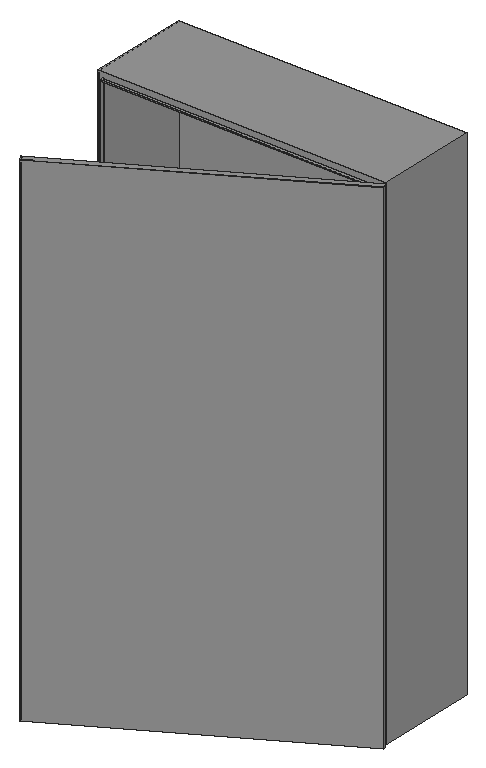
Revit family "Hager-Orion_Inox-IP66-D300-Cl.I-Inox_encl-630A-1400mm-NoHosted-PL-pl", category Equipement électrique, Revit 2020
Family settings
  Configuration du panneau = Deux colonnes, circuits au sein
  Cote de connecteur circulaire = Utiliser le diamètre
  Type d'élément = Tableau de raccordement
  Basée sur le plan de construction = Oui
  Toujours verticalement = Oui
  Couper avec des vides une fois chargée = Non
  Partagée = Non
  Point de calcul de pièce = Non
Parameters (values of type "Montaż natynkowy IP66 S800 W1400 G300  - FL049BWL")
  Width Control [instance] = if([EF000008 - Szerokość] > Min Width, [EF000008 - Szerokość], Min Width)  # 800 mm
  Commentaires du type = [HG000003 - Zakres]  # "Orion Inox"
  Thickness Door [instance] = if([EF009171 - Drzwi/pokrywa z materiału o wysokiej wytrzymałości mechanicznej] > 3 mm, 3 mm, [EF009171 - Drzwi/pokrywa z materiału o wysokiej wytrzymałości mechanicznej])  # 1.5 mm
  Seal Frame Offset [instance] = 17 mm  # constant formula
  Min Width [instance] = 100 mm  # constant formula
  Min Depth [instance] = (2 * [EF009170 - Obudowa z materiału o wysokiej wytrzymałości mechanicznej]) + 1 mm  # 4 mm
  Min Height [instance] = 100 mm  # constant formula
  Internal Frame Depth [instance] = -(Door System Depth * 0.5)  # -9 mm
  Panel Name [instance] = ""  # (empty or 0)
  Model = ""
  HG000027 - Wysokość cokołu = 0 mm
  HG000026 - Stojąca = no
  HG000024 - Wysokość części dolnej = 600 mm
  HG000023 - Obudowa dwusekcyjna = no
  HG000016 - Widoczność drzwi w widoku 3D [instance] = yes
  HG000015 - Przestrzeń robocza - otwarcie drzwi [instance] = no
  HG000014 - Drzwi prawe [instance] = yes
  HG000013 - Drzwi lewe [instance] = not([HG000014 - Drzwi prawe])  # no
  HG000012 - Kąt otwarcia drzwi [instance] = 30.00°
  HG000010 - Drzwi asymetryczne = no
  HG000009 - Drzwi dwuskrzydłowe = no
  HG000006 - Montaż podtynkowy = no
  HG000004 - Referencja producenta = "FL049BWL"
  HG000003 - Zakres = "Orion Inox"
  HG000002 - Z drzwiami lub pokrywą = yes
  Frame Offset Bottom [instance] = 10 mm  # constant formula
  Frame Offset [instance] = 15 mm  # constant formula
  EF015940 - Pokrywa z wyzwalaczem nadciśnieniowym = no
  EF011959 - Stopień ochrony (NEMA) = ""
  EF009554 - Liczba otworów pod flansze = 0
  EF009212 - Wykonanie pokrywy = "EV000116 - Zamknięty"
  EF009171 - Drzwi/pokrywa z materiału o wysokiej wytrzymałości mechanicznej = 1.5 mm
  EF009170 - Obudowa z materiału o wysokiej wytrzymałości mechanicznej = 1.5 mm
  EF008873 - Prąd znamionowy (In) = 630 A
  EF007800 - Do ochrony odgromowej = no
  EF006306 - Z zamkiem = yes
  EF006244 - Transparentna pokrywa/drzwi = no
  EF005474 - Stopień ochrony (IP) = "EV006422 - IP66"
  EF004464 - Rodzaj drzwi = "EV002646 - Pojedynczy"
  EF004427 - Liczba modułów = 0
  EF004293 - Odporność udarowa = "EV008784 - IK10"
  EF003532 - Do zastosowań zewnętrznych = yes
  EF002950 - Szerokość wyrażona liczbą modułów = 0
  EF001613 - Podtrzymanie funkcji = "EV000494 - Brak"
  EF001596 - Materiał obudowy = "EV000166 - Stal nierdzewna"
  EF001131 - Głębokość wewnętrzna = 266 mm
  EF001088 - Możliwość rozbudowy = yes
  EF000437 - Liczba wejść kablowych = 0
  EF000339 - Rodzaj pokrywy = "EV004216 - Drzwi"
  EF000266 - Liczba rzędów = 0
  EF000218 - Głębokość wbudowania = 0 mm
  EF000118 - Z płytą montażową = no
  EF000116 - Numer RAL = ""
  EF000049 - Głębokość = 300 mm
  EF000040 - Wysokość = 1400 mm
  EF000008 - Szerokość = 800 mm
  EF000007 - Kolor = "EV000154 - Inne"
  EF000003 - Sposób montażu = "EV000384 - Montaż natynkowy"
  Door System Leaf Tolerance [instance] = 1.5 mm  # constant formula
  Door System Depth [instance] = 18 mm  # constant formula
  Description = ""
  Default Elevation = 1219.2 mm
  Connector Offset [instance] = Height Control / 2  # 700 mm
  Fabricant = "Hager"  # constant formula
  Height Control [instance] = if([EF000040 - Wysokość] > Min Height, [EF000040 - Wysokość], Min Height)  # 1400 mm
  Depth Control [instance] = if([EF000049 - Głębokość] > Min Depth, [EF000049 - Głębokość], Min Depth)  # 300 mm
Types (2, lengths in mm): name | HG000004 - Referencja producenta
  Montaż natynkowy IP66 S800 W1400 G300  - FL049BW | "FL049BW"
  Montaż natynkowy IP66 S800 W1400 G300  - FL049BWL | "FL049BWL"
Reference planes
  plane 1 "Center (Front/Back)": y = 0
  plane 2: z = 0
  plane 3 "Center (Left/Right)": x = 0
  plane 4: y = 0
  plane 5: y = 0
  plane 6: z = 0
  plane 7: x = -400
  plane 8: x = 400
  plane 9: x = 398.5
  plane 10: x = -398.5
  plane 11: z = 0
  plane 12: z = 1.5
  plane 13: y = -300
  plane 14: y = -1.5
  plane 15: x = 0
  plane 16: y = -282
  plane 17: y = -298.5
  plane 18: y = -280.5
  plane 19: x = -383.5
  plane 20: x = 383.5
  plane 21: z = 11.5
  plane 22: x = -383
  plane 23: x = 383
  plane 24: z = 0
  plane 25: z = 1400
  plane 26: z = 1400
  plane 27: z = 1383.5
  plane 28: z = 1398.5
Forms (mm)
  Extrusion 1, solid, material "Hager_Stainless_Steel", detail levels medium+fine
    sketch origin (-208.679, -4572, 0) x (-1, 0, 0) y (0, -1, 0)
      loop
        line (191.321, -4290) -> (-608.679, -4290) -> (-608.679, -4572) -> (191.321, -4572) -> (191.321, -4290)
    from 0 to 1400
  Extrusion 2, void
    sketch origin (-350.771, -300, 1219.2) x (1, 0, 0) y (0, 0, 1)
      loop
        line (-47.729, 179.3) -> (-47.729, -1217.7) -> (749.271, -1217.7) -> (749.271, 179.3) -> (-47.729, 179.3)
    from -19.5 to -298.5
  Extrusion 3, void
    sketch origin (-290.084, -282, 1219.2) x (1, 0, 0) y (0, 0, 1)
      loop
        line (-93.416, -1207.7) -> (673.584, -1207.7) -> (673.584, 164.3) -> (-93.416, 164.3) -> (-93.416, -1207.7)
    from 0 to -1.5
  Extrusion 4, solid, material "Hager_Stainless_Steel", detail levels fine
    sketch origin (-290.084, -282, 1219.2) x (-1, 0, 0) y (0, 0, 1)
      loop
        line (-673.584, -1207.7) -> (93.416, -1207.7) -> (93.416, 164.3) -> (-673.584, 164.3) -> (-673.584, -1207.7)
      loop
        line (-675.084, -1209.2) -> (94.916, -1209.2) -> (94.916, 165.8) -> (-675.084, 165.8) -> (-675.084, -1209.2)
    from 0 to -9 <- "Internal Frame Depth"
  Extrusion 5, solid, material "Hager_Stainless_Steel", detail levels coarse
    sketch origin (0, 0, 0) x (1, 0, 0) y (0, 1, 0)
      loop
        line (-400, 0) -> (-400, -300) -> (400, -300) -> (400, 0) -> (-400, 0)
    from 0 to 1400 <- "Height Control"
Cuts and joins
  Extrusion 2, Extrusion 3 cuts Extrusion 1
Lines and regions (mm)
  Masking region 1
    outline origin (0, 0, 0) x (1, 0, 0) y (0, 1, 0)
      loop
        line (-400, 0) -> (-400, -300) -> (400, -300) -> (400, 0) -> (-400, 0)
  Masking region 2
    outline origin (-290.084, -282, 1219.2) x (-1, 0, 0) y (0, 0, 1)
      loop
        line (-690.084, -1219.2) -> (109.916, -1219.2) -> (109.916, 180.8) -> (-690.084, 180.8) -> (-690.084, -1219.2)
  Masking region 3, detail levels coarse
    outline origin (0, 0, 0) x (0, 1, 0) y (0, 0, 1)
      loop
        line (0, 0) -> (0, 1400) -> (-300, 1400) -> (-300, 0) -> (0, 0)
  Masking region 4, detail levels medium+fine
    outline origin (0, 0, 594.038) x (0, 1, 0) y (0, 0, 1)
      loop
        line (0, -594.038) -> (0, 805.962) -> (-282, 805.962) -> (-282, -594.038) -> (0, -594.038)
Dimensions and locks
  locked: plane 1 "Center (Front/Back)" to plane 5
  "EF009170 - Obudowa z materiału o wysokiej wytrzymałości mechanicznej": plane 7 to plane 10
  "EF009170 - Obudowa z materiału o wysokiej wytrzymałości mechanicznej": plane 8 to plane 9
  equal spacing: plane 7, plane 3 "Center (Left/Right)", plane 8
  "Width Control": plane 7 to plane 8
  "Depth Control": plane 4 to plane 13
  "EF009170 - Obudowa z materiału o wysokiej wytrzymałości mechanicznej": plane 4 to plane 14
  "Height Control": plane 25 to level
  "EF009170 - Obudowa z materiału o wysokiej wytrzymałości mechanicznej": plane 12 to plane 11
  "EF009170 - Obudowa z materiału o wysokiej wytrzymałości mechanicznej": plane 17 to plane 13
  "EF009170 - Obudowa z materiału o wysokiej wytrzymałości mechanicznej": plane 18 to plane 16
  "Frame Offset Bottom": plane 21 to plane 12
  "Frame Offset": plane 10 to plane 19
  "Frame Offset": plane 9 to plane 20
  "Door System Depth": plane 16 to plane 13
  "Seal Frame Offset": plane 7 to plane 22
  "Seal Frame Offset": plane 8 to plane 23
  "EF009170 - Obudowa z materiału o wysokiej wytrzymałości mechanicznej": plane 26 to plane 28
  "Frame Offset": plane 28 to plane 27
  "Connector Offset": plane 2 to connector elem
  "Thickness Door": cut or joined group of Extrusion 1, Extrusion 2, Extrusion 3 to Extrusion 4 sketch curve
  "Thickness Door": Extrusion 4 sketch curve to plane 19
  "Thickness Door": Extrusion 4 sketch curve to plane 20
  "Thickness Door": Extrusion 4 sketch curve to plane 27
  aligned and locked: Extrusion 2 sketch curve to plane 12
  aligned and locked: Extrusion 2 sketch curve to plane 9
  aligned and locked: Extrusion 2 sketch curve to plane 10
  aligned and locked: Extrusion 2 to plane 14
  aligned and locked: Extrusion 1 sketch curve to plane 4
  aligned and locked: plane 8 to Extrusion 1 sketch curve
  aligned and locked: plane 7 to Extrusion 1 sketch curve
  aligned and locked: Extrusion 2 to plane 18
  aligned and locked: Extrusion 3 sketch curve to plane 19
  aligned and locked: plane 20 to Extrusion 3 sketch curve
  aligned and locked: Extrusion 3 to Extrusion 2
  aligned and locked: Extrusion 3 sketch curve to plane 21
  aligned and locked: plane 3 "Center (Left/Right)" to nested 1
  aligned and locked: Extrusion 1 sketch curve to plane 16
  aligned and locked: Masking region 1 sketch curve to plane 7
  aligned and locked: Masking region 1 sketch curve to plane 5
  aligned and locked: Masking region 1 sketch curve to plane 8
  aligned and locked: Masking region 2 sketch curve to level
  aligned and locked: level to Masking region 3 sketch curve
  aligned and locked: plane 1 "Center (Front/Back)" to Masking region 3 sketch curve
  aligned and locked: plane 13 to Masking region 3 sketch curve
  aligned and locked: Masking region 2 sketch curve to plane 8
  aligned and locked: Masking region 2 sketch curve to plane 7
  aligned and locked: plane 7 to nested 2
  aligned and locked: nested 2 to plane 5
  aligned and locked: plane 5 to Masking region 4 sketch curve
  aligned and locked: plane 26 to Masking region 4 sketch curve
  aligned and locked: Extrusion 5 sketch curve to plane 8
  aligned and locked: Extrusion 5 sketch curve to plane 7
  aligned and locked: Extrusion 5 sketch curve to plane 5
  aligned and locked: Extrusion 3 sketch curve to plane 27
  aligned and locked: Extrusion 2 sketch curve to plane 28
  aligned and locked: Extrusion 4 sketch curve to plane 27
  aligned and locked: Extrusion 4 sketch curve to plane 20
  aligned and locked: Extrusion 4 sketch curve to plane 21
  aligned and locked: Extrusion 4 sketch curve to plane 19
  aligned and locked: Masking region 2 to plane 25
  aligned and locked: Masking region 4 sketch curve to plane 24
  aligned and locked: Masking region 1 to plane 13
  aligned and locked: nested 1 to plane 16
  aligned and locked: Masking region 3 to plane 25
  aligned and locked: Masking region 4 sketch curve to plane 16
  aligned and locked: plane 24 to plane 11
  aligned and locked: plane 26 to plane 25
  aligned and locked: level to plane 24
  aligned and locked: Extrusion 1 to Masking region 3
  aligned and locked: level to nested 1
Automatic sketch dimensions
  Extrusion 5 sketch curve to plane 13 = 0 mm
  plane 27 to Masking region 2 sketch curve = 16.5 mm
  plane 27 to Masking region 3 sketch curve = 16.5 mm
  Masking region 1 sketch curve to plane 13 = 0 mm
  Extrusion 3 sketch curve to plane 21 = 0 mm
  plane 19 to Extrusion 3 sketch curve = 0 mm
  Extrusion 3 sketch curve to plane 20 = 0 mm
Nested families
  nested 1: "EC000058_OrionInox_Door" at (0, -282, 0), Double <- "HG000009 - Drzwi dwuskrzydłowe", Transparent <- "EF006244 - Transparentna pokrywa/drzwi", Angle <- "HG000012 - Kąt otwarcia drzwi", Door_Right <- "HG000014 - Drzwi prawe", Assymetrical <- "HG000010 - Drzwi asymetryczne", Door <- "HG000002 - Z drzwiami lub pokrywą", Width_Ctrl <- "Width Control", 3d_Door <- "HG000016 - Widoczność drzwi w widoku 3D", Clearance <- "HG000015 - Przestrzeń robocza - otwarcie drzwi", Door_Left <- "HG000013 - Drzwi lewe", Width <- "Width Control", Door_Depth <- "Door System Depth", Leaf_Tolerance <- "Door System Leaf Tolerance", Height <- "Height Control", Thickness <- "Thickness Door", type "EC000058_OrionInox_Door", detail levels medium+fine
    with min_wh 4 mm, Width_Ctrl 800 mm, Width 800 mm, Transparent no, Thickness 1.5 mm, Seal_Material Hager_Rubber, Leaf_Width 800 mm, Leaf_Tolerance_External_Sides 0 mm, Leaf_Tolerance 1.5 mm, Leaf_Offset 0 mm, Leaf_Height 1397 mm, Leaf_2_Width 800 mm, Leaf_2_Offset 400 mm, Leaf_1_Width 800 mm, Leaf_1_Offset 400 mm, Height_Ctrl 1400 mm, Height 1400 mm, Glass_Material Hager_Glass, Double_Clearance_Ctrl no, Double no, Door_Right_Ctrl yes, Door_Right yes, Door_Material Hager_Stainless_Steel, Door_Left_Ctrl no, Door_Left no, Door_Depth 18 mm, Door yes, Clearance_Material Hager_Clearance, Clearance_Depth 800 mm, Clearance_Ctrl no, Clearance no, Assymetrical no, Angle 30.00°, 3d_Door yes
  nested 2: "Hager_Enclosure_Symbol" at (-400, 0, 0), Height <- "Depth Control", Width <- "Width Control", type "Hager_Enclosure_Symbol"
    with Width_Ctrl 800 mm, Width 800 mm, Height_Ctrl 300 mm, Height 300 mm, A_Width_Int 19.688 mm, A_Width 236.25 mm, A_Height_Ctrl 262.5 mm, A_Height 262.5 mm
Connectors
  electrical at (0, 0, 700)
    settings: on plane 1 "Center (Front/Back)", index 1, voltage 0 V, apparent load 0 VA, apparent load phase1 0 VA, apparent load phase2 0 VA, apparent load phase3 0 VA, power factor 1, load classification "Other", number of poles 1, system type 30, power factor state 1, is connector primary yes, connector utility no, sub classification motor no, connector description ""
Definition of nested family "EC000058_OrionInox_Door"
  Parameters (values of type "EC000058_OrionInox_Door")
    min_wh [instance] = (2 * Thickness) + 1 mm  # 11 mm
    Width_Ctrl [instance] = 400 mm
    Width [instance] = 500 mm
    Transparent [instance] = yes
    Thickness [instance] = 5 mm
    Seal_Material [instance] = none
    Leaf_Width [instance] = if((Width_Ctrl - 2 * Leaf_Tolerance_External_Sides) > 0 mm, (Width_Ctrl - 2 * Leaf_Tolerance_External_Sides), min_wh)  # 400 mm
    Leaf_Tolerance_External_Sides [instance] = 0 mm  # constant formula
    Leaf_Tolerance [instance] = 1.5 mm
    Leaf_Offset [instance] = 0 mm  # constant formula
    Leaf_Height [instance] = if((Height_Ctrl - 2 * Leaf_Tolerance) > 0 mm, (Height_Ctrl - 2 * Leaf_Tolerance), min_wh)  # 497 mm
    Leaf_2_Width [instance] = if(and(and(Double, Assymetrical), Door_Left), (Leaf_Width / 3) - (Leaf_Tolerance / 2), if(and(and(Double, Assymetrical), Door_Right), (Leaf_Width / 3) * 2 - (Leaf_Tolerance / 2), if(and(Double, not(Assymetrical)), (Leaf_Width / 2) - Leaf_Tolerance, Leaf_Width)))  # 400 mm
    Leaf_2_Offset [instance] = if(and(Double, Assymetrical), Leaf_2_Width / 2, if(and(Double, not(Assymetrical)), Leaf_Width / 4, Leaf_Width / 2))  # 200 mm
    Leaf_1_Width [instance] = if(and(and(Double, Assymetrical), Door_Right), (Leaf_Width / 3) - (Leaf_Tolerance / 2), if(and(and(Double, Assymetrical), Door_Left), (Width / 3) * 2 - (Leaf_Tolerance / 2), if(and(Double, not(Assymetrical)), (Leaf_Width / 2) - Leaf_Tolerance, Leaf_Width)))  # 400 mm
    Leaf_1_Offset [instance] = if(and(Double, Assymetrical), Leaf_1_Width / 2, if(and(Double, not(Assymetrical)), Leaf_Width / 4, Leaf_Width / 2))  # 200 mm
    Height_Ctrl [instance] = if(Height > min_wh, Height, min_wh)  # 500 mm
    Height [instance] = 500 mm
    Glass_Material [instance] = none
    Double_Clearance_Ctrl [instance] = and(Double, Clearance)  # no
    Double [instance] = no
    Door_Right_Ctrl [instance] = and(or(Door_Right, Double), Door)  # yes
    Door_Right [instance] = yes
    Door_Material [instance] = none
    Door_Left_Ctrl [instance] = and(or(Door_Left, Double), Door)  # no
    Door_Left [instance] = no
    Door_Depth [instance] = 30 mm
    Door [instance] = yes
    Default Elevation = 1219.2 mm
    Clearance_Material [instance] = none
    Clearance_Depth [instance] = if(Leaf_1_Width > Leaf_2_Width, Leaf_1_Width, Leaf_2_Width)  # 400 mm
    Clearance_Ctrl [instance] = and(not(Double), Clearance)  # yes
    Clearance [instance] = yes
    Assymetrical [instance] = yes
    Angle [instance] = 30.00°
    3d_Door [instance] = yes
  Reference planes
    plane 1 "Center (Front/Back)": y = 0
    plane 2 "Bottom": z = 0
    plane 3 "Center (Left/Right)": x = 0
    plane 4: z = 500
    plane 5: x = -200
    plane 6: x = 200
    plane 7: z = 500
    plane 8: x = -200
    plane 9: z = 0
    plane 10: x = 200
    plane 11: y = 0
    plane 12: z = 1.5
    plane 13: x = -600
    plane 14: y = -400
    plane 15: x = 600
    plane 16: x = 0
    plane 17: x = 0
    plane 18: x = -200
    plane 19: x = 200
    plane 20: z = 498.5
  Forms (mm)
    Extrusion 1, solid, material <- "Clearance_Material", visible <- "Double_Clearance_Ctrl"
      sketch origin (1200, 0, 0) x (1, 0, 0) y (0, 0, -1)
        loop
          line (-1800, -498.5) -> (-600, -498.5) -> (-600, 0) -> (-1800, 0) -> (-1800, -498.5)
      from 0 to -400
  Dimensions and locks
    equal spacing: plane 5, plane 3 "Center (Left/Right)", plane 6
    "Width_Ctrl": plane 5 to plane 6
    "Leaf_Offset": plane 5 to plane 8
    "Leaf_Offset": plane 6 to plane 10
    "Leaf_Offset": plane 9 to level
    "Leaf_Offset": plane 4 to plane 7
    "Height_Ctrl": plane 4 to level
    "Leaf_Tolerance": plane 12 to plane 9
    locked: plane 11 to plane 1 "Center (Front/Back)"
    "Leaf_1_Offset": plane 18 to plane 16
    "Leaf_2_Offset": plane 17 to plane 19
    "Leaf_1_Width": plane 13 to plane 8
    "Leaf_2_Width": plane 10 to plane 15
    "Clearance_Depth": plane 14 to plane 1 "Center (Front/Back)"
    "Leaf_Tolerance_External_Sides": plane 8 to plane 18
    "Leaf_Tolerance_External_Sides": plane 19 to plane 10
    "Leaf_Tolerance": plane 7 to plane 20
    aligned and locked: level to plane 2 "Bottom"
    aligned and locked: nested 1 to plane 16
    aligned and locked: nested 2 to plane 17
    aligned and locked: Extrusion 1 to plane 13
    aligned and locked: plane 15 to Extrusion 1
    aligned and locked: Extrusion 1 to plane 14
    aligned and locked: plane 12 to nested 1
    aligned and locked: nested 2 to plane 12
    aligned and locked: Extrusion 1 to plane 11
    aligned and locked: plane 20 to Extrusion 1
    aligned and locked: nested 2 to plane 11
    aligned and locked: nested 1 to plane 11
  Automatic sketch dimensions
    Extrusion 1 sketch curve to level = 0 mm
    plane 5 to Extrusion 1 sketch curve = 400 mm
    plane 6 to Extrusion 1 sketch curve = 400 mm
    Extrusion 1 sketch curve to plane 4 = 1.5 mm
  Nested families
    nested 1: "EC000058_OrionInox_Door_Leaf" at (0, 0, 1.5), Width <- "Leaf_1_Width", visible <- "Door_Left_Ctrl", Leaf_Height <- "Leaf_Height", Angle <- "Angle", 3d_Door <- "3d_Door", Transparent <- "Transparent", Clearance Material <- "Clearance_Material", Clearance <- "Clearance_Ctrl", Door_Material <- "Door_Material", Glass_Material <- "Glass_Material", Door_Depth <- "Door_Depth", Seal_Material <- "Seal_Material", Thickness <- "Thickness", type "EC000058_OrionInox_Door_Leaf"
      with Width 400 mm, Transparent_Ctrl yes, Transparent yes, Thickness 5 mm, Standard no, Seal_Material none, Seal_D2 8 mm, Seal_D1 1 mm, Offset_Internal_Frame 10 mm, Lock_Width 28 mm, Lock_Thickness 2 mm, Lock_Radius 6 mm, Leaf_Height 497 mm, Internal_Seal_Thickness 8 mm, Internal_Seal_Depth_2 4.5 mm, Internal_Frame_Depth 25 mm, Glass_Thickness -1 mm, Glass_Offset -2 mm, Glass_Material none, Door_Material none, Door_Depth 30 mm, Clearance Material none, Clearance yes, Angle_Ctrl 30.00°, Angle 30.00°, 3d_Door yes
    nested 2: "EC000058_OrionInox_Door_Leaf" at (0, 0, 1.5) x (-1, 0, 0) z (0, 0, 1), Width <- "Leaf_2_Width", visible <- "Door_Right_Ctrl", Leaf_Height <- "Leaf_Height", Angle <- "Angle", 3d_Door <- "3d_Door", Transparent <- "Transparent", Clearance Material <- "Clearance_Material", Clearance <- "Clearance_Ctrl", Door_Material <- "Door_Material", Glass_Material <- "Glass_Material", Door_Depth <- "Door_Depth", Seal_Material <- "Seal_Material", Thickness <- "Thickness", type "EC000058_OrionInox_Door_Leaf"
      with Width 400 mm, Transparent_Ctrl yes, Transparent yes, Thickness 5 mm, Standard no, Seal_Material none, Seal_D2 8 mm, Seal_D1 1 mm, Offset_Internal_Frame 10 mm, Lock_Width 28 mm, Lock_Thickness 2 mm, Lock_Radius 6 mm, Leaf_Height 497 mm, Internal_Seal_Thickness 8 mm, Internal_Seal_Depth_2 4.5 mm, Internal_Frame_Depth 25 mm, Glass_Thickness -1 mm, Glass_Offset -2 mm, Glass_Material none, Door_Material none, Door_Depth 30 mm, Clearance Material none, Clearance yes, Angle_Ctrl 30.00°, Angle 30.00°, 3d_Door yes
  Definition of nested family "EC000058_OrionInox_Door_Leaf"
    Parameters (values of type "EC000058_OrionInox_Door_Leaf")
      Width [instance] = 450 mm
      Transparent_Ctrl [instance] = and(Transparent, [3d_Door])  # yes
      Transparent [instance] = yes
      Thickness [instance] = 5 mm
      Standard [instance] = and(not(Transparent), [3d_Door])  # no
      Seal_Material [instance] = none
      Seal_D2 [instance] = 8 mm  # constant formula
      Seal_D1 [instance] = 1 mm  # constant formula
      Offset_Internal_Frame [instance] = 10 mm  # constant formula
      Lock_Width [instance] = Door_Depth - Lock_Thickness  # 28 mm
      Lock_Thickness [instance] = 2 mm  # constant formula
      Lock_Radius [instance] = 6 mm  # constant formula
      Leaf_Height [instance] = 450 mm
      Internal_Seal_Thickness [instance] = 8 mm  # constant formula
      Internal_Seal_Depth_2 [instance] = 4.5 mm  # constant formula
      Internal_Frame_Depth [instance] = if(Door_Depth - Thickness > 5 mm, Door_Depth - Thickness, 5 mm)  # 25 mm
      Glass_Thickness [instance] = if(Thickness > 15 mm, Glass_Offset + 10 mm, -1 mm)  # -1 mm
      Glass_Offset [instance] = if(Thickness > 15 mm, -(Thickness + 10 mm) / 2, -2 mm)  # -2 mm
      Glass_Material [instance] = none
      Door_Material [instance] = none
      Door_Depth [instance] = 30 mm
      Default Elevation = 0 mm
      Clearance Material [instance] = none
      Clearance [instance] = yes
      Angle_Ctrl [instance] = if(Angle > 180.00°, 180.00°, Angle)  # 90.00°
      Angle [instance] = 90.00°
      3d_Door [instance] = yes
    Reference planes
      plane 1 "Center (Front/Back)": y = 0
      plane 2: z = 0
      plane 3 "Center (Left/Right)": x = 0
      plane 4: y = 450
      plane 5: x = -225
      plane 6: x = 225
      plane 7: x = -675
      plane 8: z = 450
      plane 9: z = 30
      plane 10: z = 420
      plane 11: x = 195
      plane 12: x = -195
      plane 13: y = -3
      plane 14: z = 107.833
      plane 15: y = -5
      plane 16: y = -223.314
      plane 17: x = -225
      plane 18: y = 30
    Forms (mm)
      Extrusion 1, solid, material <- "Clearance Material", visible <- "Clearance"
        sketch origin (0, 0, 0) x (1, 0, 0) y (0, 0, 1)
          loop
            line (-675, 450) -> (-675, 0) -> (225, 0) -> (225, 450) -> (-675, 450)
        from 0 to -450
      Extrusion 2, solid, material <- "Door_Material", visible <- "Standard", detail levels medium+fine
        sketch origin (-225, 0, 0) x (0, 1, 0) y (-1, 0, 0)
          loop
            line (0, 30) -> (0, 25) -> (450, 25) -> (450, 30) -> (0, 30)
        from 0 to 450 <- "Leaf_Height"
      Extrusion 3, solid, material <- "Door_Material", visible <- "Transparent_Ctrl", detail levels medium+fine
        sketch origin (-225, 0, 0) x (0, 1, 0) y (-1, 0, 0)
          loop
            line (0, 25) -> (450, 25) -> (450, 30) -> (0, 30) -> (0, 25)
        from 0 to 450 <- "Leaf_Height"
      Extrusion 4, void
        sketch origin (-250, 450, 0) x (0, 1, 0) y (0, 0, -1)
          loop
            line (-30, -420) -> (-30, -30) -> (-420, -30) -> (-420, -420) -> (-30, -420)
        from 0 to 5 <- "Thickness"
      Sweep 5, solid, material <- "Seal_Material", visible <- "Transparent_Ctrl", detail levels fine
        path in 3D
          loop
            line (-250, 30, 30) -> (-250, 30, 420) -> (-250, 420, 420) -> (-250, 420, 30) -> (-250, 30, 30)
        profile origin (-250, 225, 30) x (1, 0, 0) y (0, 0, 1)
          loop
            line (0, 0) -> (0, -8) -> (1, -8) -> (1, 0) -> (0, 0)
      Extrusion 6, solid, material <- "Glass_Material", visible <- "Transparent_Ctrl", detail levels medium+fine
        sketch origin (-255, 0, 0) x (0, 1, 0) y (0, 0, -1)
          loop
            line (420, -420) -> (420, -30) -> (30, -30) -> (30, -420) -> (420, -420)
        from -2 <- "Glass_Offset" to -1 <- "Glass_Thickness"
      Extrusion 7, solid, material <- "Door_Material", visible <- "3d_Door", detail levels medium+fine
        sketch origin (-250, 450, 0) x (0, -1, 0) y (0, 0, -1)
          loop
            line (0, -450) -> (450, -450) -> (450, 0) -> (0, 0) -> (0, -450)
          loop
            line (445, -5) -> (5, -5) -> (5, -445) -> (445, -445) -> (445, -5)
        from 0 to 25 <- "Internal_Frame_Depth"
      Sweep 8, solid, material <- "Seal_Material", visible <- "Transparent_Ctrl", detail levels fine
        path in 3D
          loop
            line (-250, 0, 0) -> (-250, 450, 0) -> (-250, 450, 450) -> (-250, 0, 450) -> (-250, 0, 0)
        profile origin (-250, 0, 225) x (1, 0, 0) y (0, 1, 0)
          loop
            line (0, 10) -> (2.975, 10)
            arc (2.975, 10) -> (4.053, 10.447) -> (4.5, 11.525) r 1.525
            line (4.5, 11.525) -> (4.5, 16.527)
            arc (4.5, 16.527) -> (4.069, 17.569) -> (3.027, 18) r 1.473
            line (3.027, 18) -> (0, 18) -> (0, 10)
    Cuts and joins
      Extrusion 4 cuts Extrusion 3
    Lines and regions (mm)
      Masking region 1, detail levels medium+fine
        outline origin (0, 0, 0) x (0, 1, 0) y (0, 0, 1)
          loop
            line (0, 0) -> (30, 0) -> (30, 450) -> (0, 450) -> (0, 0)
      Masking region 2, detail levels medium+fine
        outline origin (0, 0, 0) x (1, 0, 0) y (0, 0, 1)
          loop
            line (-225, 450) -> (-225, 0) -> (225, 0) -> (225, 450) -> (-225, 450)
      symbolic lines
        curve 1: line (225, 0, 0) -> (-675, 0, 0)
        curve 2: arc (225, 0, 0) -> (-225, 450, 0) -> (-675, 0, 0) r 450
        curve 4: line (-255, 0, 0) -> (-255, 450, 0)
      reference lines
        curve 3: line (-225, 0, 0) -> (-225, 450, 0)
      symbolic lines, detail levels medium+fine
        curve 5: line (-255, 450, 0) -> (-250, 450, 0)
        curve 7: line (-250, 0, 0) -> (-255, 0, 0)
        curve 8: line (-250, 0, 0) -> (-225, 0, 0)
        curve 9: line (-225, 0, 0) -> (-225, 450, 0)
        curve 10: line (-225, 450, 0) -> (-250, 450, 0)
      symbolic lines, detail levels fine
        curve 6: line (-250, 450, 0) -> (-250, 0, 0)
      sketch lines
        curve 11: line (-250, 0, 450) -> (-250, 0, 0)
        curve 12: line (-250, 450, 0) -> (-250, 0, 0)
        curve 13: line (-250, 450, 450) -> (-250, 450, 0)
        curve 14: line (-250, 0, 450) -> (-250, 450, 450)
        curve 15: line (-250, 420, 30) -> (-250, 30, 30)
        curve 16: line (-250, 30, 30) -> (-250, 30, 420)
        curve 17: line (-250, 420, 420) -> (-250, 420, 30)
        curve 18: line (-250, 30, 420) -> (-250, 420, 420)
      symbolic lines, visible <- "Transparent", detail levels medium+fine
        curve 19: line (-195, 0, 420) -> (195, 0, 420)
        curve 20: line (-195, 0, 30) -> (-195, 0, 420)
        curve 21: line (195, 0, 30) -> (-195, 0, 30)
        curve 22: line (195, 0, 420) -> (195, 0, 30)
    Dimensions and locks
      "Width": plane 1 "Center (Front/Back)" to plane 4
      equal spacing: plane 5, plane 3 "Center (Left/Right)", plane 6
      "Width": plane 5 to plane 6
      "Width": plane 7 to plane 5
      "Leaf_Height": plane 8 to level
      "Width": curve 5 to curve 3
      "Width": curve 3 to curve 3
      plane 8 to plane 10 = 30 mm
      plane 9 to level = 30 mm
      plane 12 to plane 5 = 30 mm
      plane 6 to plane 11 = 30 mm
      Extrusion 4 sketch curve to Extrusion 3 = 30 mm
      Extrusion 3 to Extrusion 4 sketch curve = 30 mm
      Extrusion 1 to Extrusion 4 sketch curve = 30 mm
      curve 3 to Extrusion 4 sketch curve = 30 mm
      Extrusion 4 sketch curve to cut or joined group of Extrusion 3, Extrusion 4 = 30 mm
      cut or joined group of Extrusion 3, Extrusion 4 to Extrusion 6 sketch curve = 30 mm
      cut or joined group of Extrusion 3, Extrusion 4 to Extrusion 4 sketch curve = 30 mm
      "Thickness": curve 6 to curve 4
      "Thickness": Extrusion 7 sketch curve to Extrusion 7 sketch curve  (x4)
      "Door_Depth": curve 4 to curve 3
      "Offset_Internal_Frame": profile plane to Sweep 8 sketch curve
      "Internal_Seal_Thickness": Sweep 8 sketch curve to Sweep 8 sketch curve
      "Internal_Seal_Depth_2": profile plane to Sweep 8 sketch curve
      "Seal_D1": profile plane to Sweep 5 sketch curve
      "Seal_D2": profile plane to Sweep 5 sketch curve
      "Thickness": Extrusion 2 sketch curve to Extrusion 2 sketch curve
      "Door_Depth": plane 18 to plane 1 "Center (Front/Back)"
      radius of Sweep 8 sketch curve = 1.525 mm
      radius of Sweep 8 sketch curve = 1.473 mm
      "Angle_Ctrl": angle plane 1 "Center (Front/Back)" to curve 3
      aligned and locked: level to plane 2
      aligned and locked: Extrusion 1 to curve 1
      aligned and locked: plane 6 to Extrusion 1
      aligned and locked: plane 1 "Center (Front/Back)" to Extrusion 1
      aligned and locked: plane 4 to Extrusion 1
      aligned and locked: plane 8 to Extrusion 1
      aligned and locked: curve 7 to Extrusion 2 sketch curve
      aligned and locked: curve 5 to Extrusion 2 sketch curve
      aligned and locked: curve 7 to Extrusion 3 sketch curve
      aligned and locked: Extrusion 3 sketch curve to curve 4
      aligned and locked: Extrusion 3 sketch curve to curve 6
      aligned and locked: Extrusion 3 sketch curve to curve 5
      aligned and locked: curve 9 to curve 3
      aligned and locked: Extrusion 7 sketch curve to cut or joined group of Extrusion 3, Extrusion 4  (x4)
      aligned and locked: plane 17 to curve 3
      aligned and locked: plane 1 "Center (Front/Back)" to curve 3
      aligned and locked: plane 17 to plane 5
      aligned and locked: Sweep 8 sketch curve to profile plane
      aligned and locked: Sweep 5 sketch curve to profile plane  (x2)
      aligned and locked: plane 1 "Center (Front/Back)" to Masking region 1 sketch curve
      aligned and locked: plane 18 to Masking region 1 sketch curve
      aligned and locked: level to Masking region 1 sketch curve
      aligned and locked: Masking region 1 sketch curve to plane 8
      aligned and locked: plane 17 to Masking region 2 sketch curve
      aligned and locked: level to Masking region 2 sketch curve
      aligned and locked: Masking region 2 sketch curve to plane 8
      aligned and locked: plane 12 to curve 20
      aligned and locked: plane 10 to curve 19
      aligned and locked: plane 11 to curve 22
      aligned and locked: plane 9 to curve 21
      aligned and locked: Extrusion 2 sketch curve to cut or joined group of Extrusion 3, Extrusion 4
    Automatic sketch dimensions
      plane 1 "Center (Front/Back)" to curve 2 = 0 mm
      curve 2 to plane 5 = 0 mm
      Extrusion 1 sketch curve to level = 0 mm
      Extrusion 1 sketch curve to plane 7 = 0 mm
      Extrusion 1 sketch curve to plane 6 = 0 mm
      Extrusion 1 sketch curve to plane 8 = 0 mm
      Extrusion 3 to Extrusion 6 sketch curve = 30 mm  (x4)
      Masking region 2 sketch curve to plane 6 = 0 mm
      curve 4 to curve 3 = 0 mm
Definition of nested family "Hager_Enclosure_Symbol"
  Parameters (values of type "Hager_Enclosure_Symbol")
    Width_Ctrl [instance] = if(Width > 1 mm, Width, 1 mm)  # 102.27 mm
    Width [instance] = 102.27 mm
    Height_Ctrl [instance] = if(Height > 1 mm, Height, 1 mm)  # 66.5 mm
    A_Width_Int [instance] = if(A_Width / 12 > 2 mm, A_Width / 12, 2 mm)  # 4.364 mm
    A_Width [instance] = if(A_Height_Ctrl * 0.9 > 2 mm, A_Height_Ctrl * 0.9, 2 mm)  # 52.369 mm
    A_Height_Ctrl [instance] = if(A_Height > 2 mm, A_Height, 2 mm)  # 58.188 mm
    Height [instance] = 66.5 mm
    A_Height [instance] = Height - (Height / 8)  # 58.188 mm
  Reference planes
    plane 1 "Centre (avant/arrière)": y = 0
    plane 2: z = 0
    plane 3 "Centre (gauche/droite)": x = 0
    plane 4: x = 52.369
    plane 5: y = 33.042
    plane 6: y = 41.77
    plane 7: y = 66.5
    plane 8: x = 26.184
    plane 9: y = 37.406
    plane 10: x = 102.27
    plane 11: y = 66.5
    plane 12: y = 8.313
  Lines and regions (mm)
    Filled region 1, type "Solid_Black", in view "Niveau de réf."
      outline origin (0, 0, 0) x (1, 0, 0) y (0, 1, 0)
        loop
          line (52.369, 66.5) -> (33.188, 54.536) -> (45.365, 45.006) -> (52.369, 66.5)
    Filled region 2, type "Solid_Black", in view "Niveau de réf."
      outline origin (0, 0, 0) x (1, 0, 0) y (0, 1, 0)
        loop
          line (0, 0) -> (102.27, 0) -> (102.27, 66.5) -> (0, 0)
    detail lines, in view "Niveau de réf."
      curve 1: line (0, 8.313, 0) -> (26.184, 41.77, 0)
      curve 2: line (26.184, 41.77, 0) -> (26.184, 33.042, 0)
      curve 3: line (26.184, 33.042, 0) -> (52.369, 66.5, 0)
  Dimensions and locks
    "A_Width": plane 3 "Centre (gauche/droite)" to plane 4
    equal spacing: plane 3 "Centre (gauche/droite)", plane 8, plane 4
    equal spacing: plane 6, plane 9, plane 5
    equal spacing: curve 3, Filled region 1 sketch curve, Filled region 1 sketch curve
    "Height_Ctrl": plane 1 "Centre (avant/arrière)" to plane 11
    "A_Height_Ctrl": plane 11 to plane 12
    equal spacing: plane 11, plane 9, plane 12
    "A_Width_Int": plane 6 to plane 9
    "Width_Ctrl": plane 3 "Centre (gauche/droite)" to plane 10
    angle Filled region 1 sketch curve to curve 3 = 20.00°
    angle curve 3 to Filled region 1 sketch curve = 20.00°
    locked: curve 3 to Filled region 1 sketch curve (angle 90.00°)
    aligned and locked: plane 10 to Filled region 2
    aligned and locked: plane 11 to Filled region 2 sketch curve
    aligned and locked: plane 10 to Filled region 2 sketch curve
    aligned and locked: plane 3 "Centre (gauche/droite)" to curve 1
    aligned and locked: plane 12 to curve 1
    aligned and locked: plane 7 to plane 11
  Automatic sketch dimensions
    Filled region 1 sketch curve to plane 4 = 0 mm
    Filled region 1 sketch curve to plane 7 = 0 mm
    plane 1 "Centre (avant/arrière)" to Filled region 2 sketch curve = 0 mm
    Filled region 2 sketch curve to plane 3 "Centre (gauche/droite)" = 0 mm
    curve 2 to plane 6 = 0 mm
    curve 2 to plane 8 = 0 mm
    curve 3 to plane 4 = 0 mm
    curve 2 to plane 5 = 0 mm
    curve 3 to plane 7 = 0 mm
